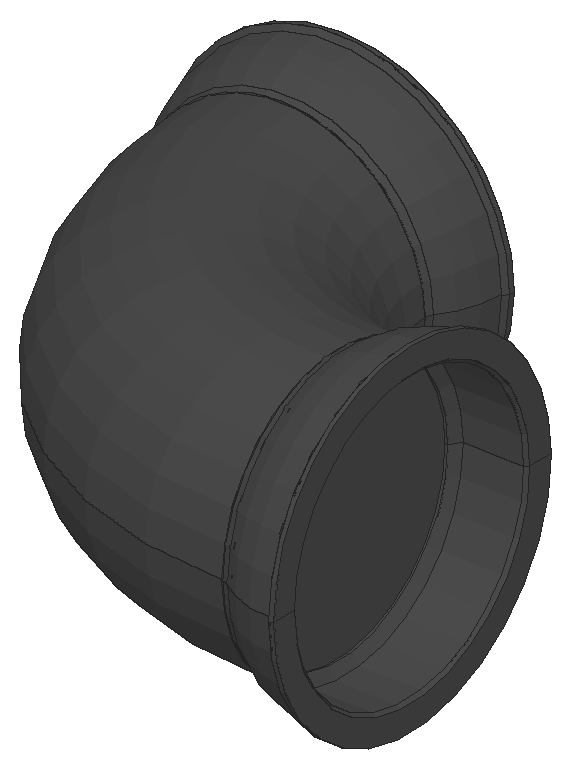
Revit family "FoFo_BB_Curva90", category Pipe Fittings, Revit 2025
Family settings
  Round Connector Dimension = Use Radius
  Part Type = Elbow
  OmniClass Number = 23.60.30.11.14
  OmniClass Title = Pipework Fittings
  Work Plane-Based = Yes
  Always vertical = No
  Cut with Voids When Loaded = No
  Shared = Yes
Parameters (values of type "C90JGS_0400")
  Material_Conexao = FOFO
  Manufacturer = "SGC"
  Loss Method = 1
  K Coefficient Table = "Tee"
  Junta_1_Tipo = FoFo_BO_Junta : JGS_0400
  Description = "Curva 90"
  Default Elevation = 0.0 mm
  DN = "400"
  Corpo_L = 420.0 mm
  Corpo_RE1 = 0.5 * Corpo_DE  # 214.5 mm
  Corpo_DE = 429.0 mm
Reference planes
  plane 1 "EixoP": y = 0
  plane 2: z = 0
  plane 3 "EixoS": x = 373.25
  plane 4 "KK": y = 420
  plane 5 "LL": x = 793.25
Forms (mm)
  Sweep 1, solid, material "FOFO" <- "Material_Conexao"
    path origin (-20.714, 0, 0) x (1, 0, 0) y (0, 1, 0)
      loop
        arc (373.25, 420) -> (496.265, 123.015) -> (793.25, 0) r 420
    profile origin (475.552, 123.015, 0) x (0.707107, 0.707107, 0) y (0, 0, 1)
      loop
        circle (0, -0.782) r 214.5
Dimensions and locks
  "Corpo_L": plane 4 "KK" to plane 1 "EixoP"
  "Corpo_L": plane 3 "EixoS" to plane 5 "LL"
  "Corpo_L": radius of Sweep 1 sketch curve
  "Corpo_RE1": radius of Sweep 1 sketch curve
  aligned and locked: plane 4 "KK" to Sweep 1
  aligned and locked: Sweep 1 to nested 2
  aligned and locked: nested 1 to Sweep 1
Automatic sketch dimensions
  Sweep 1 sketch curve to plane 4 "KK" = 0.0 mm
  Sweep 1 sketch curve to plane 5 "LL" = 20.714 mm
  Sweep 1 sketch curve to profile plane = 0.0 mm
  Sweep 1 sketch curve to level = 0.782 mm
Nested families
  nested 1: "FoFo_BO_Junta" at (-1845.714, 0, 0), type <- "Junta_1_Tipo", type "JGS_0400"
  nested 2: "FoFo_BO_Junta" at (352.536, -2198.25, 0) x (0, 1, 0) z (0, 0, 1), type <- "Junta_1_Tipo", type "JGS_0400"
Connectors
  piping at (772.536, 0, -0.782), diameter 429, driven by "Corpo_RE1"
    settings: on Sweep 1, index 1, connector inside diameter 24", connector length 0.0 mm, flow factor 0, pipe flow 0 GPM, pressure drop 0.00 psi, fitting loss kfactor 0, connector angle 0.00°, fixture units 0, engagement length 0.0 mm, angle of deflection 0.00°, flow configuration 0, flow direction 0, fitting loss method 0, system type 7, joint type 0, gender type 0, connector reference index -1, connector utility 0, adjustable connector no, is connector primary yes, connector description ""
  piping at (352.536, 420, -0.782), diameter 429, driven by "Corpo_RE1"
    settings: on Sweep 1, index 2, connector inside diameter 24", connector length 0.0 mm, flow factor 0, pipe flow 0 GPM, pressure drop 0.00 psi, fitting loss kfactor 0, connector angle 0.00°, fixture units 0, engagement length 0.0 mm, angle of deflection 0.00°, flow configuration 0, flow direction 0, fitting loss method 0, system type 7, joint type 0, gender type 0, connector reference index -1, connector utility 0, adjustable connector no, is connector primary no, connector description ""
Definition of nested family "FoFo_BO_Junta"
  Parameters (values of type "JGS_0400")
    Manufacturer = "SGC"
    Loss Method = 1
    K Coefficient Table = "Tee"
    Description = "Bolsas JGS - JTI - JTE"
    Default Elevation = 0.0 mm
    DN = "400"
    Bolsa_RL = 0.5 * Bolsa_DL  # 200.0 mm
    Material_Conexao = none
    Bolsa_DL = 400.0 mm
    Bolsa_Borde3 = Bolsa_Borde1 * 1.1  # 7.7 mm
    Bolsa_Borde1 = 7.0 mm
    Bolsa_RI = 0.5 * Bolsa_DI  # 216.0 mm
    Bolsa_RE = 0.5 * Bolsa_DE  # 214.5 mm
    Bolsa_RB = 0.5 * Bolsa_DB  # 258.5 mm
    Bolsa_Borde2 = Bolsa_Borde1 * 2  # 14.0 mm
    Bolsa_P = 112.0 mm
    Bolsa_E2 = 0.5 * Bolsa_E  # 3.0 mm
    Bolsa_E = 6.0 mm
    Bolsa_DI = 432.0 mm
    Bolsa_DE = 429.0 mm
    Bolsa_DB = 517.0 mm
  Types (16, lengths in mm): name | DN | Bolsa_RL | Bolsa_DL | Bolsa_RI | Bolsa_RE | Bolsa_RB | Bolsa_P | Bolsa_DI | Bolsa_DE | Bolsa_DB
    JGS_1200 | "1200" | 600.0 | 1200.0 | 629.0 | 627.5 | 706.0 | 167.0 | 1258.0 | 1255.0 | 1412.0
    JGS_1000 | "1000" | 500.0 | 1000.0 | 525.5 | 524.0 | 595.5 | 157.0 | 1051.0 | 1048.0 | 1191.0
    JGS_0900 | "900" | 450.0 | 900.0 | 474.0 | 472.5 | 541.0 | 147.0 | 948.0 | 945.0 | 1082.0
    JGS_0800 | "800" | 400.0 | 800.0 | 422.5 | 421.0 | 487.0 | 147.0 | 845.0 | 842.0 | 974.0
    JGS_0700 | "700" | 350.0 | 700.0 | 370.5 | 369.0 | 431.5 | 147.0 | 741.0 | 738.0 | 863.0
    JGS_0600 | "600" | 300.0 | 600.0 | 319.0 | 317.5 | 369.5 | 122.0 | 638.0 | 635.0 | 739.0
    JGS_0500 | "500" | 250.0 | 500.0 | 267.5 | 266.0 | 315.0 | 117.0 | 535.0 | 532.0 | 630.0
    JGS_0450 | "450" | 225.0 | 450.0 | 241.5 | 240.0 | 287.5 | 115.0 | 483.0 | 480.0 | 575.0
    JGS_0400 | "400" | 200.0 | 400.0 | 216.0 | 214.5 | 258.5 | 112.0 | 432.0 | 429.0 | 517.0
    JGS_0350 | "350" | 175.0 | 350.0 | 190.5 | 189.0 | 232.5 | 110.0 | 381.0 | 378.0 | 465.0
    JGS_0300 | "300" | 150.0 | 300.0 | 164.5 | 163.0 | 205.0 | 107.0 | 329.0 | 326.0 | 410.0
    JGS_0250 | "250" | 125.0 | 250.0 | 138.5 | 137.0 | 176.5 | 105.0 | 277.0 | 274.0 | 353.0
    JGS_0200 | "200" | 100.0 | 200.0 | 112.5 | 111.0 | 148.0 | 106.0 | 225.0 | 222.0 | 296.0
    JGS_0150 | "150" | 75.0 | 150.0 | 86.5 | 85.0 | 121.5 | 100.0 | 173.0 | 170.0 | 243.0
    JGS_0100 | "100" | 50.0 | 100.0 | 60.5 | 59.0 | 94.5 | 94.0 | 121.0 | 118.0 | 189.0
    JGS_0080 | "80" | 40.0 | 80.0 | 50.5 | 49.0 | 84.0 | 92.0 | 101.0 | 98.0 | 168.0
  Reference planes
    plane 1 "EixoP": y = 0
    plane 2: z = 0
    plane 3 "EixoS": x = 2618.25
    plane 4: x = 2730.25
    plane 5: y = 258.5
    plane 6: y = 216
    plane 7: y = 214.5
    plane 8: y = 200
  Forms (mm)
    Revolve 1, solid, material <- "Material_Conexao"
      sketch origin (-3000, 0, 0) x (1, 0, 0) y (0, 1, 0)
        loop
          arc (5716.25, 250.8) -> (5670.117, 241.457) -> (5628.857, 218.804) r 156.302
          line (5628.857, 218.804) -> (5618.25, 214.5) -> (5618.25, 200.5) -> (5623.25, 200.5) -> (5633.25, 216) -> (5725.25, 216) -> (5730.25, 221) -> (5730.25, 258.5) -> (5723.25, 258.5) -> (5716.25, 250.8)
        axis (5618.25, 0) -> (5730.25, 0)
      angle from 0 to 360
  Dimensions and locks
    "Bolsa_Borde1": Revolve 1 sketch curve to Revolve 1 sketch curve
    "Bolsa_Borde2": Revolve 1 sketch curve to Revolve 1 sketch curve
    "Bolsa_Borde3": Revolve 1 sketch curve to Revolve 1 sketch curve
    "Bolsa_P": plane 3 "EixoS" to Revolve 1 sketch curve
    "Bolsa_P": plane 4 to plane 3 "EixoS"
    "Bolsa_RB": plane 5 to plane 1 "EixoP"
    "Bolsa_RI": plane 6 to plane 1 "EixoP"
    "Bolsa_RE": plane 7 to plane 1 "EixoP"
    "Bolsa_RL": plane 8 to plane 1 "EixoP"
    aligned and locked: Revolve 1 sketch curve to plane 1 "EixoP"
    aligned and locked: Revolve 1 sketch curve to plane 5
    aligned and locked: plane 6 to Revolve 1 sketch curve
  Automatic sketch dimensions
    Revolve 1 sketch curve to plane 3 "EixoS" = 0.0 mm  (x2)
    Revolve 1 sketch curve to plane 7 = 0.0 mm
    plane 8 to Revolve 1 sketch curve = 0.5 mm
    plane 3 "EixoS" to Revolve 1 sketch curve = 5.0 mm
    plane 6 to Revolve 1 sketch curve = 2.804 mm
    plane 3 "EixoS" to Revolve 1 sketch curve = 10.607 mm
    Revolve 1 sketch curve to Revolve 1 sketch curve = 4.393 mm
    Revolve 1 sketch curve to plane 4 = 6.397 mm
    Revolve 1 sketch curve to plane 4 = 5.0 mm
    plane 6 to Revolve 1 sketch curve = 5.0 mm
    plane 4 to Revolve 1 sketch curve = 9.153 mm
